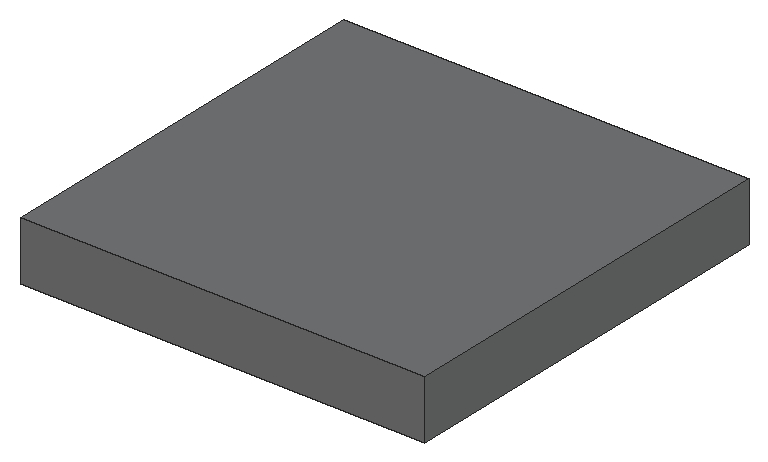
Revit family "Gira_536028", category Electrical Fixtures, host Face, Revit 2017
Family settings
  Host = Face
  Maintain Annotation Orientation = No
  Round Connector Dimension = Use Diameter
  Part Type = Normal
  Cut with Voids When Loaded = No
  Shared = No
  Room Calculation Point = No
Parameters (values of type "S3000 op.top System 55 anthra.")
  With LED indication = "No"
  URL = "http://katalog.gira.de/en/datenblatt.html?artikelnr=536028"
  Transparent = "No"
  Suitable for application with venetian shutter switch = "Yes"
  Suitable for application with switch = "No"
  Suitable for application with dimmer = "No"
  Number of actuation points = "2"
  Name = "S3000 op.top System 55 anthra."
  Manufacturer URL = "https://www.gira.de/"
  Manufacturer = "Gira"
  Keynote = ""
  HeinzeBIM = "https://bimportal.heinze.de/bim/s3000-op-top-system-55-anthra-/966d89dd117d69561ed15af327cd2599131abc9d"
  HAN = "536028"
  GTIN = "4010337027249"
  Description = "S3000 op.top Sys55 AN,System 3000 operating top unit,,anthracite,"
  Default Elevation = 1219.2 mm
  Data sheet (1) = "https://katalog.gira.de/en/download.html?artikelnr=536028"
  Category = "Intelligent control element"
  BIM (1) = "https://media.stage.bim.site/public/gira/36a6b08/Sys55_Abdeckung_Schalten und Tasten.rfa?public/gira/36a6b08/Sys55_Abdeckung_Schalten und Tasten.rfa"
  Available = "No"
  Application = "Control of electrical users"
  Anthrazit [instance] = Anthrazit
Reference planes
  plane 1 "Center (Front/Back)": y = 0
  plane 2: z = 0
  plane 3 "Center (Left/Right)": x = 0
Forms (mm)
  Extrusion 1, solid, material "Anthrazit" <- "Anthrazit", detail levels fine
    sketch origin (0, 0, 0) x (1, 0, 0) y (0, 1, 0)
      loop
        line (-27.5, 27.5) -> (-27.5, -27.5) -> (27.5, -27.5) -> (27.5, 27.5) -> (-27.5, 27.5)
    from 0 to 8
  Extrusion 2, void
    sketch origin (0, 0, 0) x (1, 0, 0) y (0, 1, 0)
      loop
        line (26, 26) -> (-26, 26) -> (-26, -26) -> (26, -26) -> (26, 26)
    from 0 to 6
  Extrusion 3, solid, material "Anthrazit" <- "Anthrazit", detail levels medium
    sketch origin (0, 0, 0) x (1, 0, 0) y (0, 1, 0)
      loop
        line (-27.5, 27.5) -> (-27.5, -27.5) -> (27.5, -27.5) -> (27.5, 27.5) -> (-27.5, 27.5)
    from 0 to 8
  Extrusion 4, solid, material "Anthrazit" <- "Anthrazit", detail levels medium
    sketch origin (0, 0, 0) x (1, 0, 0) y (0, 1, 0)
      loop
        line (11, -17.5) -> (11, 17.5) -> (-11, 17.5) -> (-11, -17.5) -> (11, -17.5)
    from -6 to 6
  Extrusion 5, solid, material "Anthrazit" <- "Anthrazit", detail levels fine
    sketch origin (0, 0, 0) x (1, 0, 0) y (0, 1, 0)
      loop
        line (11, 17.5) -> (-11, 17.5) -> (-11, 16.5) -> (11, 16.5) -> (11, 17.5)
      loop
        line (-11, -16.5) -> (-11, -17.5) -> (11, -17.5) -> (11, -16.5) -> (-11, -16.5)
    from -4 to 6
  Extrusion 6, solid, material "Anthrazit" <- "Anthrazit", detail levels fine
    sketch origin (0, 0, 0) x (1, 0, 0) y (0, 1, 0)
      loop
        arc (5, 9.347) -> (0, 10.6) -> (-5, 9.347) r 10.6
        line (-5, 9.347) -> (-5, -9.347)
        arc (-5, -9.347) -> (0, -10.6) -> (5, -9.347) r 10.6
        line (5, -9.347) -> (5, 9.347)
    from -6 to 6
  Extrusion 7, solid, material "Anthrazit" <- "Anthrazit", detail levels coarse
    sketch origin (0, 0, 0) x (1, 0, 0) y (0, 1, 0)
      loop
        line (-27.5, 27.5) -> (-27.5, -27.5) -> (27.5, -27.5) -> (27.5, 27.5) -> (-27.5, 27.5)
    from -6 to 8
Cuts and joins
  Extrusion 2 cuts Extrusion 1
Dimensions and locks
  aligned and locked: plane 2 to host face
  aligned and locked: level to host face
